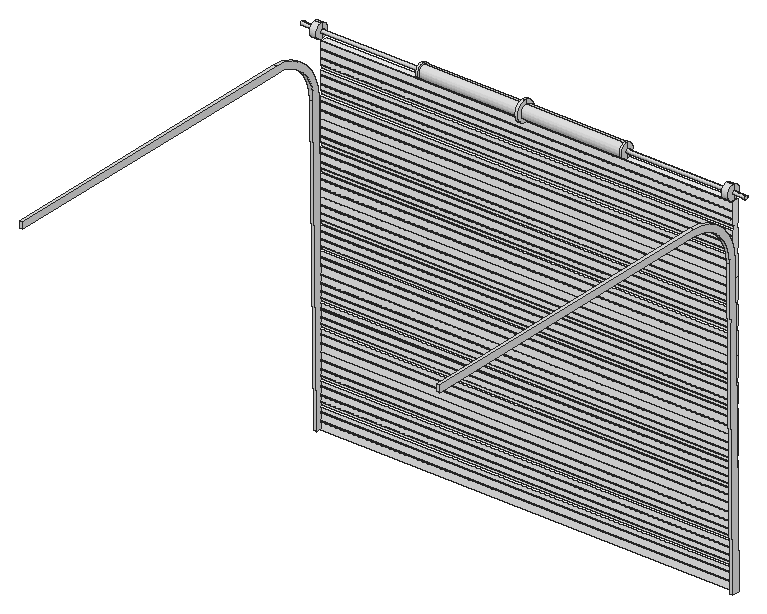
Revit family "Door-Sectional_2500Series_Comcl_Amarr", category Doors, host Wall, Revit 2026
Family settings
  Host = Wall
  Classification Number = 23.30.10.17.37.14
  Always vertical = Yes
  Cut with Voids When Loaded = No
  Shared = No
  Room Calculation Point = No
Parameters (values of type "ByType")
  eb Track Thickness = 0' - 2"
  Window Width = 2' - 0"
  Window Radius = 0' - 0 3/4"
  Window Height = 1' - 0"
  Track Type [instance] = Track-Horizontal : ByType
  Section Heights XX = 2' - 0"  # constant formula
  Roof Slope for Track XX [instance] = if(Roof Slope for Track < 0.00°, 0.00°, if(Roof Slope for Track > 80.00°, 80.00°, Roof Slope for Track))  # 14.9924°
  Number of Horizontal Windows = 2
  eb Number of Extra Sections = 0
  eb Middle Stile Width = 0' - 2 1/2"
  Roof Slope for Track [instance] = 14.9924°
  Function = Interior
  Door Open = yes
  Cost = 0
  3rd Row Section Type = Section-Backer : ByType
  Track Width = 10' - 5 9/16"
  eb Operator Centerline Offset from Panel Face = 0' - 3.02"
  eb Intermediate Rails = 0' - 1 1/4"
  Has Operator = yes
  eb Shaft Centerline from TO Door = 1' - 0 1/2"
  Panel Width = 10' - 4"
  eb End Stiles = 0' - 3.38"
  Section Heights = if([24" Section Heights], Section Heights XX, 1' 9")  # 1' - 9"
  Number of Panels Above 3rd = if(Number of Sections > 4, Number of Sections - 3, 2)  # 2
  Has Greater Than 4 Sections = Number of Sections > 4  # yes
  Has 4 Sections = Number of Sections = 4  # no
  Door Track Material = Steel - 19 GA galvanized
  Door Glazing = Plexiglas
  Door Gap From Wall Interior = 0' - 0.35"
  URL = "https://www.amarr.com/"
  Thickness = 0' - 2"
  Specification = "https://www.arcat.com/company/amarr-garage-doors-30357/spec"
  Number of Sections = (Height + 0' 9") / Section Heights + eb Number of Extra Sections  # 5
  Operator Material = Metal - Aluminum
  Stile Material = Metal - Aluminum
  Rough Width = 0' - 0"  # constant formula
  Rough Height = 0' - 0"  # constant formula
  Product Data = "http://www.arcat.com/arcatcos/cos30/arc30357.html"
  Green Building-LEED = "https://www.arcat.com/company/amarr-garage-doors-30357/leed"
  Model = "2500"
  Manufacturer = "Amarr Garage Doors"  # constant formula
  Keynote = "08 36 00"
  Height = 8' - 0"
  Wall Closure = By host
  Width = 10' - 2"
  Fire Rating = "As Specified in 08 36 00"
  Door Cladding Material = Steel - 20 GA Exterior
  Description = "Door Sectional 2500 Series Commercial"
  Copyright = "© 2021 ARCAT, Inc."  # constant formula
  Construction Details = "https://www.arcat.com/company/amarr-garage-doors-30357/cad"
  Assembly Code = "B2030410"
  5th Row Elevation = Section Heights * 4  # 7' - 0"
  4th Row Elevation = Section Heights * 3  # 5' - 3"
  3nd Row Elevation = Section Heights * 2  # 3' - 6"
  2nd Row Elevation = Section Heights  # 1' - 9"
  24" Section Heights = not([21" Section Heights])  # no
  21" Section Heights = yes
Reference planes (in)
  plane 1 "Center (Front/Back)": y = -33.7392
  plane 2 "Center (Left/Right)": x = 66
  plane 3: z = 0
  plane 4 "Top": z = 96
  plane 5 "Door Face": y = -36.0892
  plane 6 "Right": x = 127
  plane 7 "Left": x = 5
  plane 8 "Operator from Level": z = 108.5
  plane 9 "Operator Centerline": y = -39.1092
  plane 10: x = 130
  plane 11: x = 2
  plane 12 "Closure": y = -35.7392
  plane 13: z = 0
  plane 14: y = -36.0892
  plane 15: y = -36.0892
  plane 16: z = 84
  plane 17: z = 63
  plane 18: y = -36.0892
  plane 19: y = -36.0892
  plane 20: z = 63
  plane 21: z = 84
  plane 22: y = -150.1092
  plane 23: y = -54.1092
Lines and regions (in)
  Opening 1
    outline origin (-109.33485, -35.7392, 0) x (1, 0, 0) y (0, 0, 1)
      loop
        line (114.33485, 0) -> (236.33485, 0) -> (236.33485, 96) -> (114.33485, 96) -> (114.33485, 0)
  Masking region 1
    outline origin (0, 0, 0) x (1, 0, 0) y (0, 1, 0)
      loop
        line (130, -36.0892) -> (2, -36.0892) -> (2, -39.1092) -> (130, -39.1092) -> (130, -36.0892)
  symbolic lines, style "DoorsHiddenLines"
    curve 1: line (2, -150.1092, 0) -> (2, -36.0892, 0)
    curve 2: line (130, -150.1092, 0) -> (2, -150.1092, 0)
    curve 3: line (130, -150.1092, 0) -> (130, -36.0892, 0)
    curve 4: line (130, -36.0892, 0) -> (2, -36.0892, 0)
Text (in)
  text "Exterior" at (57.34449, 27.31104, 0), in view "A101 - Plan View"
  text "Interior" at (57.34449, -78.26009, 0), in view "A101 - Plan View"
  text "Exterior" at (0, 40.15149, 123.01588), in view "Right"
  text "Interior" at (0, -64.39139, 123.01588), in view "Right"
  text "Interior" at (0, -54.15628, 116.57907), in view "Left"
  text "Exterior" at (0, 0.75032, 116.57907), in view "Left"
Dimensions and locks (in)
  "Height": plane 4 "Top" to level
  "Door Gap From Wall Interior": plane 5 "Door Face" to host wall
  equal spacing: plane 6 "Right", plane 2 "Center (Left/Right)", plane 7 "Left"
  "Width": plane 7 "Left" to plane 6 "Right"
  "eb Shaft Centerline from TO Door": plane 8 "Operator from Level" to plane 4 "Top"
  "eb Operator Centerline Offset from Panel Face": plane 5 "Door Face" to plane 9 "Operator Centerline"
  locked: plane 11 to plane 7 "Left" at 3
  locked: plane 6 "Right" to plane 10 at 3
  group 1 to group 2 = 0' - 0"  (x2)
  group 1 to group 2 = 1' - 9"
  "4th Row Elevation": level to plane 20
  "5th Row Elevation": level to plane 21
  plane 9 "Operator Centerline" to plane 22 = 9' - 3"
  locked: plane 9 "Operator Centerline" to plane 23 at 15
  "Height": plane 23 to plane 22
  aligned and locked: Opening 1 sketch curve to level
  aligned and locked: plane 4 "Top" to Opening 1 sketch curve
  aligned and locked: Opening 1 sketch curve to plane 6 "Right"
  aligned and locked: host wall to plane 1 "Center (Front/Back)"
  aligned and locked: host wall to plane 12 "Closure"
  aligned and locked: plane 2 "Center (Left/Right)" to nested 1
  aligned and locked: plane 2 "Center (Left/Right)" to nested 2
  aligned and locked: plane 5 "Door Face" to plane 14
  aligned and locked: plane 5 "Door Face" to nested 3
  aligned and locked: plane 5 "Door Face" to plane 15
  aligned and locked: plane 17 to plane 20
  aligned and locked: plane 16 to plane 21
  aligned and locked: plane 5 "Door Face" to nested 2
  aligned and locked: plane 5 "Door Face" to nested 7
  aligned and locked: plane 5 "Door Face" to plane 18
  aligned and locked: plane 5 "Door Face" to plane 19
  aligned and locked: plane 2 "Center (Left/Right)" to nested 7
  aligned and locked: nested 4 to nested 7
  aligned and locked: plane 2 "Center (Left/Right)" to nested 6
  aligned and locked: plane 5 "Door Face" to nested 1
  aligned and locked: plane 5 "Door Face" to nested 6
  aligned and locked: plane 2 "Center (Left/Right)" to nested 8
  aligned and locked: nested 8 to plane 9 "Operator Centerline"
  aligned and locked: curve 1 to plane 11
  aligned and locked: curve 2 to plane 22
  aligned and locked: curve 3 to plane 10
  aligned and locked: Masking region 1 sketch curve to plane 11
  aligned and locked: Masking region 1 sketch curve to plane 10
  aligned and locked: Masking region 1 sketch curve to plane 9 "Operator Centerline"
  aligned and locked: Masking region 1 sketch curve to plane 15
  aligned and locked: curve 4 to plane 15
Automatic sketch dimensions
  Opening 1 sketch curve to plane 7 "Left" = 0' - 0"
Nested families (in)
  nested 1: "Section-Backer" at (54, -36.0892, 0), visible <- "Door Open", type "ByType"
  nested 2: "Section-Backer" at (54, -36.0892, 21), built-in parameter 1001364 <- "2nd Row Elevation", visible <- "Door Open", type "ByType"
  nested 3: "Track-Horizontal" at (54, -36.0892, 0), type <- "Track Type", type "ByType"
    with Track Height 8' - 9 1/4", Horizontal Track Length 9' - 6", Door Height 8' - 0"
  nested 4: "Section-Backer" at (54, -36.0892, 63), visible <- "Has Greater Than 4 Sections", Door Panel <- "Door Open", type "ByType"
    with Door Panel yes
  nested 5: "Section-Backer" at (54, -36.0892, 84), visible <- "Has Greater Than 4 Sections", Door Panel <- "Door Open", type "ByType"
    with Door Panel yes
  nested 6: "Section-Backer" at (54, -36.0892, 42), type <- "3rd Row Section Type", built-in parameter 1001364 <- "3nd Row Elevation", visible <- "Door Open", type "ByType"
  nested 7: "Section-Backer" at (54, -36.0892, 63), built-in parameter 1001364 <- "4th Row Elevation", visible <- "Has 4 Sections", Door Panel <- "Door Open", type "ByType"
    with Door Panel yes
  nested 8: "Torsion Assy" at (71.68308, -39.1092, 108.5), visible <- "Has Operator", Width <- "Width", type "10,000 Cycles"
    with Width 10' - 2", Reel to Reel Width 10' - 4"
Definition of nested family "Section-Backer"
  Parameters (values of type "ByType")
    Width = 10' - 4"
    Small Groove Spacing = Large Groove Spacing / 3  # 0' - 2.33333"
    Material = none
    Height = 1' - 9"
    Large Groove Spacing = Height / 3  # 0' - 7"
    Door Panel [instance] = yes
    Assembly Code = ""
    Thickness = 0' - 2"
    Analytic Construction = "<None>"
  Reference planes (in)
    plane 1 "Front": y = 0
    plane 2: z = 0
    plane 3 "Center (Left/Right)": x = 12
    plane 4: x = 74
    plane 5: z = 21
    plane 6: x = -50
    plane 7: y = -2
    plane 8: z = 7
    plane 9: x = -168
    plane 10: x = 192
    plane 11: z = 14
    plane 12 "Back": y = -2
  Forms (in)
    Extrusion 1, solid, material <- "Material", visible <- "Door Panel"
      sketch origin (12, 0, 0) x (0, 1, 0) y (0, 0, 1)
        loop
          line (-2, 0) -> (0, 0) -> (0, 20.9375) -> (-0.0625, 21) -> (-1.9375, 21) -> (-2, 20.9375) -> (-2, 0)
      from -62 to 62
    Sweep 2, void
      path in 3D
        loop
          line (192, 0, 7) -> (-168, 0, 7)
      profile origin (12, 0, 7) x (0, 0, -1) y (0, -1, 0)
        loop
          line (0.68182, 0) -> (0.40091, 0.31693) -> (-0.40091, 0.31693) -> (-0.68182, 0) -> (0.68182, 0)
    Sweep 3, void
      path in 3D
        loop
          line (192, 0, 4.66667) -> (-168, 0, 4.66667)
      profile origin (12, 0, 4.66667) x (0, 0, -1) y (0, -1, 0)
        loop
          line (0.13636, 0) -> (0.08018, 0.06339) -> (-0.08018, 0.06339) -> (-0.13636, 0) -> (0.13636, 0)
    Sweep 4, void
      path in 3D
        loop
          line (192, 0, 2.33333) -> (-168, 0, 2.33333)
      profile origin (12, 0, 2.33333) x (0, 0, -1) y (0, -1, 0)
        loop
          line (0.13636, 0) -> (0.08018, 0.06339) -> (-0.08018, 0.06339) -> (-0.13636, 0) -> (0.13636, 0)
    Sweep 5, void
      path in 3D
        loop
          line (192, 0, 11.66667) -> (-168, 0, 11.66667)
      profile origin (12, 0, 11.66667) x (0, 0, -1) y (0, -1, 0)
        loop
          line (0.13636, 0) -> (0.08018, 0.06339) -> (-0.08018, 0.06339) -> (-0.13636, 0) -> (0.13636, 0)
    Sweep 6, void
      path in 3D
        loop
          line (192, 0, 9.33333) -> (-168, 0, 9.33333)
      profile origin (12, 0, 9.33333) x (0, 0, -1) y (0, -1, 0)
        loop
          line (0.13636, 0) -> (0.08018, 0.06339) -> (-0.08018, 0.06339) -> (-0.13636, 0) -> (0.13636, 0)
    Sweep 7, void
      path in 3D
        loop
          line (192, 0, 18.66667) -> (-168, 0, 18.66667)
      profile origin (12, 0, 18.66667) x (0, 0, -1) y (0, -1, 0)
        loop
          line (0.13636, 0) -> (0.08018, 0.06339) -> (-0.08018, 0.06339) -> (-0.13636, 0) -> (0.13636, 0)
    Sweep 8, void
      path in 3D
        loop
          line (192, 0, 16.33333) -> (-168, 0, 16.33333)
      profile origin (12, 0, 16.33333) x (0, 0, -1) y (0, -1, 0)
        loop
          line (0.13636, 0) -> (0.08018, 0.06339) -> (-0.08018, 0.06339) -> (-0.13636, 0) -> (0.13636, 0)
    Sweep 9, void
      path in 3D
        loop
          line (192, 0, 14) -> (-168, 0, 14)
      profile origin (12, 0, 14) x (0, 0, -1) y (0, -1, 0)
        loop
          line (0.68182, 0) -> (0.40091, 0.31693) -> (-0.40091, 0.31693) -> (-0.68182, 0) -> (0.68182, 0)
    Sweep 10, void
      path in 3D
        loop
          line (192, -2, 7) -> (-168, -2, 7)
      profile origin (12, -2, 7) x (0, 0, -1) y (0, -1, 0)
        loop
          line (0.68182, 0) -> (-0.68182, 0) -> (-0.40091, -0.31693) -> (0.40091, -0.31693) -> (0.68182, 0)
    Sweep 11, void
      path in 3D
        loop
          line (192, -2, 4.66667) -> (-168, -2, 4.66667)
      profile origin (12, -2, 4.66667) x (0, 0, -1) y (0, -1, 0)
        loop
          line (0.13636, 0) -> (-0.13636, 0) -> (-0.08018, -0.06339) -> (0.08018, -0.06339) -> (0.13636, 0)
    Sweep 12, void
      path in 3D
        loop
          line (192, -2, 2.33333) -> (-168, -2, 2.33333)
      profile origin (12, -2, 2.33333) x (0, 0, -1) y (0, -1, 0)
        loop
          line (0.13636, 0) -> (-0.13636, 0) -> (-0.08018, -0.06339) -> (0.08018, -0.06339) -> (0.13636, 0)
    Sweep 13, void
      path in 3D
        loop
          line (192, -2, 11.66667) -> (-168, -2, 11.66667)
      profile origin (12, -2, 11.66667) x (0, 0, -1) y (0, -1, 0)
        loop
          line (0.13636, 0) -> (-0.13636, 0) -> (-0.08018, -0.06339) -> (0.08018, -0.06339) -> (0.13636, 0)
    Sweep 14, void
      path in 3D
        loop
          line (192, -2, 9.33333) -> (-168, -2, 9.33333)
      profile origin (12, -2, 9.33333) x (0, 0, -1) y (0, -1, 0)
        loop
          line (0.13636, 0) -> (-0.13636, 0) -> (-0.08018, -0.06339) -> (0.08018, -0.06339) -> (0.13636, 0)
    Sweep 15, void
      path in 3D
        loop
          line (192, -2, 18.66667) -> (-168, -2, 18.66667)
      profile origin (12, -2, 18.66667) x (0, 0, -1) y (0, -1, 0)
        loop
          line (0.13636, 0) -> (-0.13636, 0) -> (-0.08018, -0.06339) -> (0.08018, -0.06339) -> (0.13636, 0)
    Sweep 16, void
      path in 3D
        loop
          line (192, -2, 16.33333) -> (-168, -2, 16.33333)
      profile origin (12, -2, 16.33333) x (0, 0, -1) y (0, -1, 0)
        loop
          line (0.13636, 0) -> (-0.13636, 0) -> (-0.08018, -0.06339) -> (0.08018, -0.06339) -> (0.13636, 0)
    Sweep 17, void
      path in 3D
        loop
          line (192, -2, 14) -> (-168, -2, 14)
      profile origin (12, -2, 14) x (0, 0, -1) y (0, -1, 0)
        loop
          line (0.68182, 0) -> (-0.68182, 0) -> (-0.40091, -0.31693) -> (0.40091, -0.31693) -> (0.68182, 0)
  Cuts and joins
    Sweep 2, Sweep 3, Sweep 4, Sweep 5, Sweep 6, Sweep 7, Sweep 8, Sweep 9, Sweep 10, Sweep 11, Sweep 12, Sweep 13, Sweep 14, Sweep 15, Sweep 16, Sweep 17 cuts Extrusion 1
  Lines and regions (in)
    reference lines
      curve 1: line (192, 0, 7) -> (-168, 0, 7)
      curve 3: line (192, 0, 14) -> (-168, 0, 14)
      curve 4: line (192, 0, 4.66667) -> (-168, 0, 4.66667)
      curve 6: line (192, 0, 2.33333) -> (-168, 0, 2.33333)
      curve 8: line (192, 0, 11.66667) -> (-168, 0, 11.66667)
      curve 10: line (192, 0, 9.33333) -> (-168, 0, 9.33333)
      curve 12: line (192, 0, 18.66667) -> (-168, 0, 18.66667)
      curve 14: line (192, 0, 16.33333) -> (-168, 0, 16.33333)
      curve 17: line (192, -2, 7) -> (-168, -2, 7)
      curve 19: line (192, -2, 14) -> (-168, -2, 14)
      curve 20: line (192, -2, 4.66667) -> (-168, -2, 4.66667)
      curve 22: line (192, -2, 2.33333) -> (-168, -2, 2.33333)
      curve 24: line (192, -2, 11.66667) -> (-168, -2, 11.66667)
      curve 26: line (192, -2, 9.33333) -> (-168, -2, 9.33333)
      curve 28: line (192, -2, 18.66667) -> (-168, -2, 18.66667)
      curve 30: line (192, -2, 16.33333) -> (-168, -2, 16.33333)
    sketch lines
      curve 2: line (192, 0, 7) -> (-168, 0, 7)
      curve 5: line (192, 0, 4.66667) -> (-168, 0, 4.66667)
      curve 7: line (192, 0, 2.33333) -> (-168, 0, 2.33333)
      curve 9: line (192, 0, 11.66667) -> (-168, 0, 11.66667)
      curve 11: line (192, 0, 9.33333) -> (-168, 0, 9.33333)
      curve 13: line (192, 0, 18.66667) -> (-168, 0, 18.66667)
      curve 15: line (192, 0, 16.33333) -> (-168, 0, 16.33333)
      curve 16: line (192, 0, 14) -> (-168, 0, 14)
      curve 18: line (192, -2, 7) -> (-168, -2, 7)
      curve 21: line (192, -2, 4.66667) -> (-168, -2, 4.66667)
      curve 23: line (192, -2, 2.33333) -> (-168, -2, 2.33333)
      curve 25: line (192, -2, 11.66667) -> (-168, -2, 11.66667)
      curve 27: line (192, -2, 9.33333) -> (-168, -2, 9.33333)
      curve 29: line (192, -2, 18.66667) -> (-168, -2, 18.66667)
      curve 31: line (192, -2, 16.33333) -> (-168, -2, 16.33333)
      curve 32: line (192, -2, 14) -> (-168, -2, 14)
  Dimensions and locks (in)
    "Height": plane 5 to level
    equal spacing: plane 6, plane 3 "Center (Left/Right)", plane 4
    "Width": plane 6 to plane 4
    "Large Groove Spacing": plane 8 to level
    plane 3 "Center (Left/Right)" to plane 9 = 15' - 0"
    plane 3 "Center (Left/Right)" to plane 10 = 15' - 0"
    "Large Groove Spacing": plane 11 to plane 8
    "Thickness": plane 12 "Back" to plane 1 "Front"
    "Small Groove Spacing": curve 8 to curve 10
    "Small Groove Spacing": curve 12 to curve 14
    "Large Groove Spacing": curve 3 to curve 1
    "Large Groove Spacing": curve 1 to level
    "Small Groove Spacing": curve 6 to curve 4
    "Small Groove Spacing": curve 4 to curve 1
    "Small Groove Spacing": curve 1 to curve 10
    "Small Groove Spacing": curve 3 to curve 14
    "Large Groove Spacing": level to curve 17
    "Large Groove Spacing": curve 17 to curve 19
    "Small Groove Spacing": curve 20 to curve 17
    "Small Groove Spacing": curve 22 to curve 20
    "Small Groove Spacing": curve 17 to curve 26
    "Small Groove Spacing": curve 26 to curve 24
    "Small Groove Spacing": curve 19 to curve 30
    "Small Groove Spacing": curve 30 to curve 28
    locked: plane 12 "Back" to Extrusion 1 sketch curve at 0.0625
    locked: Extrusion 1 sketch curve to plane 1 "Front" at 0.0625
    aligned and locked: Extrusion 1 to plane 4
    aligned and locked: plane 6 to Extrusion 1
    aligned and locked: plane 12 "Back" to cut or joined group of Extrusion 1, Sweep 2, Sweep 3, Sweep 4, Sweep 5, Sweep 6, Sweep 7, Sweep 8, Sweep 9, Sweep 10, Sweep 11, Sweep 12, Sweep 13, Sweep 14, Sweep 15, Sweep 16, Sweep 17
  Automatic sketch dimensions
    curve 14 to plane 9 = 0' - 0"
    curve 1 to plane 9 = 0' - 0"
    curve 10 to plane 9 = 0' - 0"
    curve 3 to plane 9 = 0' - 0"
    curve 8 to plane 9 = 0' - 0"
    curve 4 to plane 9 = 0' - 0"
    curve 6 to plane 9 = 0' - 0"
    curve 12 to plane 9 = 0' - 0"
    curve 4 to plane 10 = 0' - 0"
    curve 10 to plane 10 = 0' - 0"
    curve 3 to plane 10 = 0' - 0"
    curve 12 to plane 10 = 0' - 0"
    curve 8 to plane 10 = 0' - 0"
    curve 6 to plane 10 = 0' - 0"
    curve 14 to plane 10 = 0' - 0"
    curve 1 to plane 10 = 0' - 0"
    curve 28 to plane 10 = 0' - 0"
    curve 28 to plane 9 = 0' - 0"
    curve 30 to plane 10 = 0' - 0"
    curve 30 to plane 9 = 0' - 0"
    curve 19 to plane 9 = 0' - 0"
    curve 24 to plane 9 = 0' - 0"
    curve 24 to plane 10 = 0' - 0"
    curve 26 to plane 10 = 0' - 0"
    curve 26 to plane 9 = 0' - 0"
    curve 20 to plane 10 = 0' - 0"
    curve 20 to plane 9 = 0' - 0"
    curve 22 to plane 10 = 0' - 0"
    curve 22 to plane 9 = 0' - 0"
    curve 17 to plane 9 = 0' - 0"
    curve 19 to plane 10 = 0' - 0"
    curve 17 to plane 10 = 0' - 0"
    Sweep 11 sketch curve to profile plane = 0' - 0"
    profile plane to Sweep 11 sketch curve = 0' - 0.13636"
    profile plane to Sweep 11 sketch curve = 0' - 0.08018"
    Sweep 11 sketch curve to profile plane = 0' - 0.08018"
    Sweep 11 sketch curve to Sweep 11 sketch curve = 0' - 0.05618"
    Sweep 11 sketch curve to profile plane = 0' - 0.06339"
    Extrusion 1 sketch curve to level = 0' - 0"
    Extrusion 1 sketch curve to plane 12 "Back" = 0' - 0"
    Extrusion 1 sketch curve to plane 1 "Front" = 0' - 0"
    Extrusion 1 sketch curve to plane 5 = 0' - 0"
    Extrusion 1 sketch curve to plane 5 = 0' - 0 1/16"  (x2)
    Sweep 2 sketch curve to profile plane = 0' - 0"
    profile plane to Sweep 2 sketch curve = 0' - 0.68182"
    profile plane to Sweep 2 sketch curve = 0' - 0.40091"
    Sweep 2 sketch curve to profile plane = 0' - 0.40091"
    Sweep 2 sketch curve to Sweep 2 sketch curve = 0' - 0.2809"
    profile plane to Sweep 2 sketch curve = 0' - 0.31693"
    Sweep 3 sketch curve to profile plane = 0' - 0"
    profile plane to Sweep 3 sketch curve = 0' - 0.13636"
    profile plane to Sweep 3 sketch curve = 0' - 0.08018"
    Sweep 3 sketch curve to profile plane = 0' - 0.08018"
    Sweep 3 sketch curve to Sweep 3 sketch curve = 0' - 0.05618"
    profile plane to Sweep 3 sketch curve = 0' - 0.06339"
    Sweep 4 sketch curve to profile plane = 0' - 0"
    profile plane to Sweep 4 sketch curve = 0' - 0.13636"
    profile plane to Sweep 4 sketch curve = 0' - 0.08018"
    Sweep 4 sketch curve to profile plane = 0' - 0.08018"
    Sweep 4 sketch curve to Sweep 4 sketch curve = 0' - 0.05618"
    profile plane to Sweep 4 sketch curve = 0' - 0.06339"
    Sweep 5 sketch curve to profile plane = 0' - 0"
    profile plane to Sweep 5 sketch curve = 0' - 0.13636"
    profile plane to Sweep 5 sketch curve = 0' - 0.08018"
    Sweep 5 sketch curve to profile plane = 0' - 0.08018"
    Sweep 5 sketch curve to Sweep 5 sketch curve = 0' - 0.05618"
    profile plane to Sweep 5 sketch curve = 0' - 0.06339"
    Sweep 6 sketch curve to profile plane = 0' - 0"
    profile plane to Sweep 6 sketch curve = 0' - 0.13636"
    profile plane to Sweep 6 sketch curve = 0' - 0.08018"
    Sweep 6 sketch curve to profile plane = 0' - 0.08018"
    Sweep 6 sketch curve to Sweep 6 sketch curve = 0' - 0.05618"
    profile plane to Sweep 6 sketch curve = 0' - 0.06339"
    Sweep 7 sketch curve to profile plane = 0' - 0"
    profile plane to Sweep 7 sketch curve = 0' - 0.13636"
    profile plane to Sweep 7 sketch curve = 0' - 0.08018"
    Sweep 7 sketch curve to profile plane = 0' - 0.08018"
    Sweep 7 sketch curve to Sweep 7 sketch curve = 0' - 0.05618"
    profile plane to Sweep 7 sketch curve = 0' - 0.06339"
    Sweep 8 sketch curve to profile plane = 0' - 0"
    profile plane to Sweep 8 sketch curve = 0' - 0.13636"
    profile plane to Sweep 8 sketch curve = 0' - 0.08018"
    Sweep 8 sketch curve to profile plane = 0' - 0.08018"
    Sweep 8 sketch curve to Sweep 8 sketch curve = 0' - 0.05618"
    profile plane to Sweep 8 sketch curve = 0' - 0.06339"
    Sweep 9 sketch curve to profile plane = 0' - 0"
    profile plane to Sweep 9 sketch curve = 0' - 0.68182"
    profile plane to Sweep 9 sketch curve = 0' - 0.40091"
    Sweep 9 sketch curve to profile plane = 0' - 0.40091"
    Sweep 9 sketch curve to Sweep 9 sketch curve = 0' - 0.2809"
    profile plane to Sweep 9 sketch curve = 0' - 0.31693"
    Sweep 10 sketch curve to profile plane = 0' - 0"
    profile plane to Sweep 10 sketch curve = 0' - 0.68182"
    profile plane to Sweep 10 sketch curve = 0' - 0.40091"
    Sweep 10 sketch curve to profile plane = 0' - 0.40091"
    Sweep 10 sketch curve to Sweep 10 sketch curve = 0' - 0.2809"
    Sweep 10 sketch curve to profile plane = 0' - 0.31693"
    Sweep 12 sketch curve to profile plane = 0' - 0"
    profile plane to Sweep 12 sketch curve = 0' - 0.13636"
    profile plane to Sweep 12 sketch curve = 0' - 0.08018"
    Sweep 12 sketch curve to profile plane = 0' - 0.08018"
    Sweep 12 sketch curve to Sweep 12 sketch curve = 0' - 0.05618"
    Sweep 12 sketch curve to profile plane = 0' - 0.06339"
    Sweep 13 sketch curve to profile plane = 0' - 0"
    profile plane to Sweep 13 sketch curve = 0' - 0.13636"
    profile plane to Sweep 13 sketch curve = 0' - 0.08018"
    Sweep 13 sketch curve to profile plane = 0' - 0.08018"
    Sweep 13 sketch curve to Sweep 13 sketch curve = 0' - 0.05618"
    Sweep 13 sketch curve to profile plane = 0' - 0.06339"
    Sweep 14 sketch curve to profile plane = 0' - 0"
    profile plane to Sweep 14 sketch curve = 0' - 0.13636"
    profile plane to Sweep 14 sketch curve = 0' - 0.08018"
    Sweep 14 sketch curve to profile plane = 0' - 0.08018"
    Sweep 14 sketch curve to Sweep 14 sketch curve = 0' - 0.05618"
    Sweep 14 sketch curve to profile plane = 0' - 0.06339"
    Sweep 15 sketch curve to profile plane = 0' - 0"
    profile plane to Sweep 15 sketch curve = 0' - 0.13636"
    profile plane to Sweep 15 sketch curve = 0' - 0.08018"
    Sweep 15 sketch curve to profile plane = 0' - 0.08018"
    Sweep 15 sketch curve to Sweep 15 sketch curve = 0' - 0.05618"
    Sweep 15 sketch curve to profile plane = 0' - 0.06339"
    Sweep 16 sketch curve to profile plane = 0' - 0"
    profile plane to Sweep 16 sketch curve = 0' - 0.13636"
    profile plane to Sweep 16 sketch curve = 0' - 0.08018"
    Sweep 16 sketch curve to profile plane = 0' - 0.08018"
    Sweep 16 sketch curve to Sweep 16 sketch curve = 0' - 0.05618"
    Sweep 16 sketch curve to profile plane = 0' - 0.06339"
    Sweep 17 sketch curve to profile plane = 0' - 0"
    profile plane to Sweep 17 sketch curve = 0' - 0.68182"
    profile plane to Sweep 17 sketch curve = 0' - 0.40091"
    Sweep 17 sketch curve to profile plane = 0' - 0.40091"
    Sweep 17 sketch curve to Sweep 17 sketch curve = 0' - 0.2809"
    Sweep 17 sketch curve to profile plane = 0' - 0.31693"
Definition of nested family "Track-Horizontal"
  Parameters
    Track Thickness = 0' - 2"
    Right Track Offset from Center = Tracks Center to Center Width * 0.5  # 5' - 2 25/32"
    Left Track Offset from Center = Tracks Center to Center Width * -0.5  # -5' - 2 25/32"
    Track Material = none
    Track Height = Door Height + 0' 9 1/4"  # 10' - 9 1/4"
    Tracks Center to Center Width = 10' - 5 9/16"
    Horizontal Track Length = Door Height + 1' 6"  # 11' - 6"
    Door Height = 10' - 0"
    Assembly Code = ""
  Reference planes (in)
    plane 1 "Front": y = 0
    plane 2: z = 0
    plane 3 "Center (Left/Right)": x = 12
    plane 4: x = -49.78
    plane 5: x = 73.78
    plane 6: x = -49.78
  Forms (in)
    Sweep 1, solid, material <- "Track Material"
      path in 3D
        loop
          line (12, -138, 129.25) -> (12, -18.20346, 129.25)
          arc (12, -18.20346, 129.25) -> (12, -7.30999, 124.77644) -> (12, -2.7046, 113.93804) r 15.5
          line (12, -2.7046, 113.93804) -> (12, -1.35044, 0.0734)
      profile "Profile-Track : Profile-Track" origin (12, -78.10173, 129.25) x (0, 0, 1) y (1, 0, 0)
        loop
          line (-2, 62.28125) -> (0, 62.28125) -> (0, 63.28125) -> (-2, 63.28125) -> (-2, 62.28125)
    Sweep 2, solid, material <- "Track Material"
      path in 3D
        loop
          line (12, -138, 129.25) -> (12, -18.20346, 129.25)
          arc (12, -18.20346, 129.25) -> (12, -7.30999, 124.77644) -> (12, -2.7046, 113.93804) r 15.5
          line (12, -2.7046, 113.93804) -> (12, -1.35044, 0.0734)
      profile "Profile-Track : Profile-Track" origin (12, -78.10173, 129.25) x (0, 0, 1) y (1, 0, 0)
        loop
          line (-2, -63.28125) -> (0, -63.28125) -> (0, -62.28125) -> (-2, -62.28125) -> (-2, -63.28125)
  Lines and regions (in)
    reference lines
      curve 1: line (12, -1.35044, 0.0734) -> (12, -2.7046, 113.93804)
      curve 2: line (12, -138, 129.25) -> (12, -18.20346, 129.25)
      curve 3: arc (12, -18.20346, 129.25) -> (12, -7.30999, 124.77644) -> (12, -2.7046, 113.93804) r 15.5
    sketch lines
      curve 4: line (12, -138, 129.25) -> (12, -18.20346, 129.25)
      curve 5: arc (12, -18.20346, 129.25) -> (12, -7.30999, 124.77644) -> (12, -2.7046, 113.93804) r 15.5
      curve 6: line (12, -1.35044, 0.0734) -> (12, -2.7046, 113.93804)
      curve 7: line (12, -138, 129.25) -> (12, -18.20346, 129.25)
      curve 8: arc (12, -18.20346, 129.25) -> (12, -7.30999, 124.77644) -> (12, -2.7046, 113.93804) r 15.5
      curve 9: line (12, -1.35044, 0.0734) -> (12, -2.7046, 113.93804)
    symbolic lines
      curve 10: line (11.75, 0, 0) -> (12.25, 0, 0)
  Dimensions and locks (in)
    "Track Height": curve 2 to level
    plane 5 to curve 3 = 5' - 1.78"
    "Horizontal Track Length": plane 1 "Front" to curve 2
  Automatic sketch dimensions
    level to curve 1 = 0' - 0.0734"
    curve 3 to curve 2 = 1' - 3 1/2"
    plane 1 "Front" to curve 3 = 1' - 6.20346"
    plane 1 "Front" to curve 1 = 0' - 2.7046"
    plane 1 "Front" to curve 1 = 0' - 1.35044"
    curve 10 to plane 1 "Front" = 0' - 0"
    curve 10 to plane 3 "Center (Left/Right)" = 0' - 0 1/4"
    plane 3 "Center (Left/Right)" to curve 10 = 0' - 0 1/4"
Definition of nested family "Torsion Assy"
  Parameters
    Reel to Reel Width [instance] = Width + 0' 2"  # 10' - 4"
    Width [instance] = 10' - 2"
    Material = none
    Default Elevation = 0' - 0"
    Assembly Code = ""
  Reference planes (in)
    plane 1 "Center (Front/Back)": y = 0
    plane 2: z = 0
    plane 3 "Center (Left/Right)": x = -5.68308
    plane 4: x = -67.68308
    plane 5: x = 56.31692
  Forms (in)
    Revolve 1, solid, material <- "Material"
      sketch origin (0.00391, 0, -132.5) x (0, 0, -1) y (-1, 0, 0)
        loop
          line (-132.5, 72.68698) -> (-133, 72.68698) -> (-133, 68.74298) -> (-134.578, 68.74298) -> (-134.578, 66.80548) -> (-133, 66.80548) -> (-133, 36.68156) -> (-134.62517, 36.68156) -> (-134.62517, 36.05747) -> (-134.40625, 36.05747) -> (-134.40625, 6.08698) -> (-135.50017, 6.08698) -> (-135.50017, 5.28698) -> (-134.40625, 5.28698) -> (-134.40625, -24.6835) -> (-134.62517, -24.6835) -> (-134.62517, -25.30759) -> (-133, -25.30759) -> (-133, -55.43152) -> (-134.578, -55.43152) -> (-134.578, -57.36902) -> (-133, -57.36902) -> (-133, -61.31302) -> (-132.5, -61.31302) -> (-132.5, 72.68698)
        axis (-132.5, 72.68698) -> (-132.5, -61.31302)
      angle from 0 to 360
  Dimensions and locks (in)
    equal spacing: plane 4, plane 3 "Center (Left/Right)", plane 5
    "Reel to Reel Width": plane 4 to plane 5
    Revolve 1 sketch curve to plane 4 to Revolve 1 sketch curve = 0' - 1.056" locked, 0' - 0.8815" locked
    locked: Revolve 1 sketch curve to plane 4 at 5
    locked: plane 3 "Center (Left/Right)" to Revolve 1 sketch curve at 30.99458  (x2)
    locked: plane 5 to Revolve 1 sketch curve at 5
    Revolve 1 sketch curve to plane 5 to Revolve 1 sketch curve = 0' - 1.056" locked, 0' - 0.8815" locked
    aligned and locked: plane 1 "Center (Front/Back)" to Revolve 1
  Automatic sketch dimensions
    Revolve 1 sketch curve to level = 0' - 0"  (x2)
    level to Revolve 1 sketch curve = 0' - 0 1/2"  (x3)
    Revolve 1 sketch curve to Revolve 1 sketch curve = 0' - 0 1/2"
    Revolve 1 sketch curve to Revolve 1 sketch curve = 0' - 1 13/32"  (x2)
    Revolve 1 sketch curve to Revolve 1 sketch curve = 0' - 1.578"  (x2)
    Revolve 1 sketch curve to Revolve 1 sketch curve = 0' - 0.21892"  (x2)
    Revolve 1 sketch curve to plane 3 "Center (Left/Right)" = 0' - 0.4"
    Revolve 1 sketch curve to Revolve 1 sketch curve = 0' - 1.09392"
    Revolve 1 sketch curve to Revolve 1 sketch curve = 5' - 7.08868"
    Revolve 1 sketch curve to Revolve 1 sketch curve = 0' - 7.24948"
    Revolve 1 sketch curve to Revolve 1 sketch curve = 0' - 0.62409"  (x2)
    plane 3 "Center (Left/Right)" to Revolve 1 sketch curve = 0' - 0.4"
